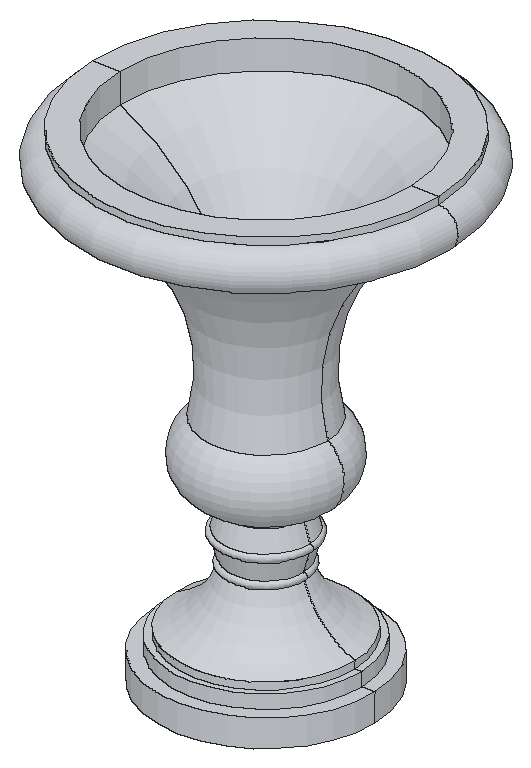
Revit family
Parameters (values of type "SBSP-061.5")
  Width = 3' - 1"
  URL = "www.strombergarchitectural.com"
  Top Material = GFRC
  Submittal Sheet = "www.strombergarchitectural.com/images/materials/gfrc/submittal/gfrc-submittal-sheet.pdf"
  Specifications = "www.strombergarchitectural.com/gfrcspecifications"
  Model Cut-sheet = "www.strombergarchitectural.com/products/bollards/design/SBSP-061"
  Model = "SBSP-061"
  Manufacturer = "Stromberg Architectural Products"
  Guidebook = "www.strombergarchitectural.com/images/materials/gfrc/handbooks/gfrc_guidebook.pdf"
  Frame Material = none
  Description = "GFRC Bollard"
  Assembly Code = ""
  Height = 4' - 0"
  XXX.5 = yes
  XXX.4 = no
  XXX.3 = no
  XXX.2 = no
  XXX.1 = no
Types (6): name | Width | Guidebook | Height | XXX.5 | XXX.4 | XXX.3 | XXX.2 | XXX.1
  (no name) | 3' - 1" | "www.strombergarchitectural.com/images/materials/gfrc/handbooks/gfrc_guidebook.pdf" | 4' - 0" | yes | no | no | no | no
  SBSP-061.3 | 2' - 4" | "www.strombergarchitectural.com/images/materials/gfrc/handbooks/gfrc_guidebook.pdf" | 3' - 0" | no | no | yes | no | no
  SBSP-061.1 | 1' - 7" | "www.strombergarchitectural.com/images/materials/gfrc/handbooks/gfrc_guidebook.pdf   \r\n(http://www.strombergarchitectural.com/images/materials/gfrc/handbooks/gfrc_guidebook.pdf" | 2' - 0" | no | no | no | no | yes
  SBSP-061.2 | 1' - 11" | "www.strombergarchitectural.com/images/materials/gfrc/handbooks/gfrc_guidebook.pdf" | 2' - 6" | no | no | no | yes | no
  SBSP-061.4 | 2' - 9" | "www.strombergarchitectural.com/images/materials/gfrc/handbooks/gfrc_guidebook.pdf" | 3' - 6" | no | yes | no | no | no
  SBSP-061.5 | 3' - 1" | "www.strombergarchitectural.com/images/materials/gfrc/handbooks/gfrc_guidebook.pdf" | 4' - 0" | yes | no | no | no | no
Reference planes (in)
  plane 1 "Center (Front/Back)": y = 3.74847
  plane 2: z = 0
  plane 3 "Center (Left/Right)": x = 0.7278
Forms (in)
  Revolve 1, solid, visible <- "XXX.1"
    sketch origin (0, 3.74847, 0) x (1, 0, 0) y (0, 0, 1)
      loop
        line (-6.37016, 24) -> (-7.70344, 24) -> (-7.70344, 23.66668)
        arc (-7.70344, 23.66668) -> (-8.62007, 22.66672) -> (-7.70344, 21.66677) r 1.00374
        arc (-7.70344, 21.66677) -> (-3.00612, 17.6345) -> (-2.28178, 11.48638) r 8.51403
        arc (-2.28178, 11.48638) -> (-2.98711, 9.30953) -> (-1.11084, 7.99965) r 1.92274
        arc (-1.11084, 7.99965) -> (-1.2775, 7.83299) -> (-1.11084, 7.66633) r 0.16666
        line (-1.11084, 7.66633) -> (-1.41067, 6.66637)
        arc (-1.41067, 6.66637) -> (-1.57733, 6.49971) -> (-1.41067, 6.33305) r 0.16666
        line (-1.41067, 6.33305) -> (-1.11084, 5.3331)
        arc (-1.11084, 5.3331) -> (-1.2775, 5.16644) -> (-1.11084, 4.99978) r 0.16666
        arc (-1.11084, 4.99978) -> (-2.0545, 3.3825) -> (-3.60534, 2.33323) r 4.21688
        line (-3.60534, 2.33323) -> (-3.60534, 1.99991) -> (-3.93866, 1.99991) -> (-3.93866, 1.33327) -> (-4.6053, 1.33327) -> (-4.6053, 0) -> (0.7278, 0) -> (0.7278, 9.33223) -> (-1.15639, 9.33223)
        arc (-1.15639, 9.33223) -> (-1.75374, 9.90911) -> (-1.18146, 10.51087) r 0.58947
        arc (-1.18146, 10.51087) -> (-1.4763, 17.52659) -> (-6.37016, 22.5622) r 9.84731
        line (-6.37016, 22.5622) -> (-6.37016, 24)
      axis (0.7278, 24) -> (0.7278, 0)
    angle from 0 to 360
  Revolve 2, solid, visible <- "XXX.2"
    sketch origin (0, 3.74847, 0) x (1, 0, 0) y (0, 0, 1)
      loop
        line (-8.13294, 30) -> (-9.79953, 30) -> (-9.79953, 29.58335)
        arc (-9.79953, 29.58335) -> (-10.94531, 28.33341) -> (-9.79953, 27.08346) r 1.25468
        arc (-9.79953, 27.08346) -> (-3.92787, 22.04313) -> (-3.02246, 14.35798) r 10.64254
        arc (-3.02246, 14.35798) -> (-3.90412, 11.63691) -> (-1.55878, 9.99956) r 2.40343
        arc (-1.55878, 9.99956) -> (-1.7671, 9.79124) -> (-1.55878, 9.58291) r 0.20832
        line (-1.55878, 9.58291) -> (-1.93356, 8.33297)
        arc (-1.93356, 8.33297) -> (-2.14189, 8.12464) -> (-1.93356, 7.91632) r 0.20832
        line (-1.93356, 7.91632) -> (-1.55878, 6.66637)
        arc (-1.55878, 6.66637) -> (-1.7671, 6.45805) -> (-1.55878, 6.24973) r 0.20832
        arc (-1.55878, 6.24973) -> (-2.73836, 4.22813) -> (-4.67691, 2.91654) r 5.2711
        line (-4.67691, 2.91654) -> (-4.67691, 2.49989) -> (-5.09356, 2.49989) -> (-5.09356, 1.66659) -> (-5.92685, 1.66659) -> (-5.92685, 0) -> (0.7278, 0) -> (0.7278, 11.66529) -> (-1.61572, 11.66529)
        arc (-1.61572, 11.66529) -> (-2.36241, 12.38639) -> (-1.64706, 13.13859) r 0.73684
        arc (-1.64706, 13.13859) -> (-2.01561, 21.90824) -> (-8.13294, 28.20275) r 12.30913
        line (-8.13294, 28.20275) -> (-8.13294, 30)
      axis (0.7278, 30) -> (0.7278, 0)
    angle from 0 to 360
  Revolve 3, solid, visible <- "XXX.3"
    sketch origin (0, 3.74847, 0) x (1, 0, 0) y (0, 0, 1)
      loop
        line (-9.90555, 36.00158) -> (-11.90555, 36.00158) -> (-11.90555, 35.50158)
        arc (-11.90555, 35.50158) -> (-13.28055, 34.00158) -> (-11.90555, 32.50158) r 1.50568
        arc (-11.90555, 32.50158) -> (-4.85926, 26.45292) -> (-3.77271, 17.23033) r 12.77161
        arc (-3.77271, 17.23033) -> (-4.83075, 13.96491) -> (-2.01621, 12) r 2.88424
        arc (-2.01621, 12) -> (-2.26621, 11.75) -> (-2.01621, 11.5) r 0.25
        line (-2.01621, 11.5) -> (-2.46598, 10)
        arc (-2.46598, 10) -> (-2.71598, 9.75) -> (-2.46598, 9.5) r 0.25
        line (-2.46598, 9.5) -> (-2.01621, 8)
        arc (-2.01621, 8) -> (-2.26621, 7.75) -> (-2.01621, 7.5) r 0.25
        arc (-2.01621, 7.5) -> (-3.43177, 5.07398) -> (-5.75813, 3.5) r 6.3256
        line (-5.75813, 3.5) -> (-5.75813, 3) -> (-6.25813, 3) -> (-6.25813, 2) -> (-7.25813, 2) -> (-7.25813, 0) -> (0.7278, 0) -> (0.7278, 13.99896) -> (-2.08454, 13.99896)
        arc (-2.08454, 13.99896) -> (-2.98061, 14.86432) -> (-2.12216, 15.767) r 0.88424
        arc (-2.12216, 15.767) -> (-2.56443, 26.29104) -> (-9.90555, 33.84479) r 14.77161
        line (-9.90555, 33.84479) -> (-9.90555, 36.00158)
      axis (0.7278, 36.00158) -> (0.7278, 0)
    angle from 0 to 360
  Revolve 4, solid, visible <- "XXX.4"
    sketch origin (0, 3.74847, 0) x (1, 0, 0) y (0, 0, 1)
      loop
        line (-11.67723, 42) -> (-14.01046, 42) -> (-14.01046, 41.41669)
        arc (-14.01046, 41.41669) -> (-15.61456, 39.66677) -> (-14.01046, 37.91685) r 1.75655
        arc (-14.01046, 37.91685) -> (-5.79014, 30.86038) -> (-4.52256, 20.10117) r 14.89956
        arc (-4.52256, 20.10117) -> (-5.75689, 16.29168) -> (-2.47341, 13.99938) r 3.3648
        arc (-2.47341, 13.99938) -> (-2.76506, 13.70773) -> (-2.47341, 13.41608) r 0.29165
        line (-2.47341, 13.41608) -> (-2.99811, 11.66615)
        arc (-2.99811, 11.66615) -> (-3.28976, 11.3745) -> (-2.99811, 11.08285) r 0.29165
        line (-2.99811, 11.08285) -> (-2.47341, 9.33292)
        arc (-2.47341, 9.33292) -> (-2.76506, 9.04127) -> (-2.47341, 8.74962) r 0.29165
        arc (-2.47341, 8.74962) -> (-4.12482, 5.91938) -> (-6.83879, 4.08315) r 7.37955
        line (-6.83879, 4.08315) -> (-6.83879, 3.49985) -> (-7.4221, 3.49985) -> (-7.4221, 2.33323) -> (-8.58871, 2.33323) -> (-8.58871, 0) -> (0.7278, 0) -> (0.7278, 16.3314) -> (-0.14018, 16.3314) -> (-2.55312, 16.3314)
        arc (-2.55312, 16.3314) -> (-3.59849, 17.34094) -> (-2.597, 18.39402) r 1.03157
        arc (-2.597, 18.39402) -> (-3.11297, 30.67153) -> (-11.67723, 39.48385) r 17.23279
        line (-11.67723, 39.48385) -> (-11.67723, 42)
      axis (0.7278, 42) -> (0.7278, 0)
    angle from 0 to 360
  Revolve 5, solid, visible <- "XXX.5"
    sketch origin (0, 3.74847, 0) x (1, 0, 0) y (0, 0, 1)
      loop
        line (-13.44938, 48) -> (-16.11593, 48) -> (-16.11593, 47.33336)
        arc (-16.11593, 47.33336) -> (-17.94918, 45.33345) -> (-16.11593, 43.33354) r 2.00749
        arc (-16.11593, 43.33354) -> (-6.72128, 35.26901) -> (-5.27262, 22.97277) r 17.02807
        arc (-5.27262, 22.97277) -> (-6.68327, 18.61906) -> (-2.93072, 15.9993) r 3.84549
        arc (-2.93072, 15.9993) -> (-3.26404, 15.66598) -> (-2.93072, 15.33266) r 0.33332
        line (-2.93072, 15.33266) -> (-3.53038, 13.33275)
        arc (-3.53038, 13.33275) -> (-3.8637, 12.99943) -> (-3.53038, 12.66611) r 0.33332
        line (-3.53038, 12.66611) -> (-2.93072, 10.6662)
        arc (-2.93072, 10.6662) -> (-3.26404, 10.33288) -> (-2.93072, 9.99956) r 0.33332
        arc (-2.93072, 9.99956) -> (-4.81805, 6.76501) -> (-7.91973, 4.66646) r 8.43377
        line (-7.91973, 4.66646) -> (-7.91973, 3.99982) -> (-8.58637, 3.99982) -> (-8.58637, 2.66655) -> (-9.91964, 2.66655) -> (-9.91964, 0) -> (0.7278, 0) -> (0.7278, 18.66446) -> (-0.26417, 18.66446) -> (-3.02183, 18.66446)
        arc (-3.02183, 18.66446) -> (-4.21653, 19.81822) -> (-3.07198, 21.02174) r 1.17894
        arc (-3.07198, 21.02174) -> (-3.66165, 35.05318) -> (-13.44938, 45.1244) r 19.69461
        line (-13.44938, 45.1244) -> (-13.44938, 48)
      axis (0.7278, 48) -> (0.7278, 0)
    angle from 0 to 360
